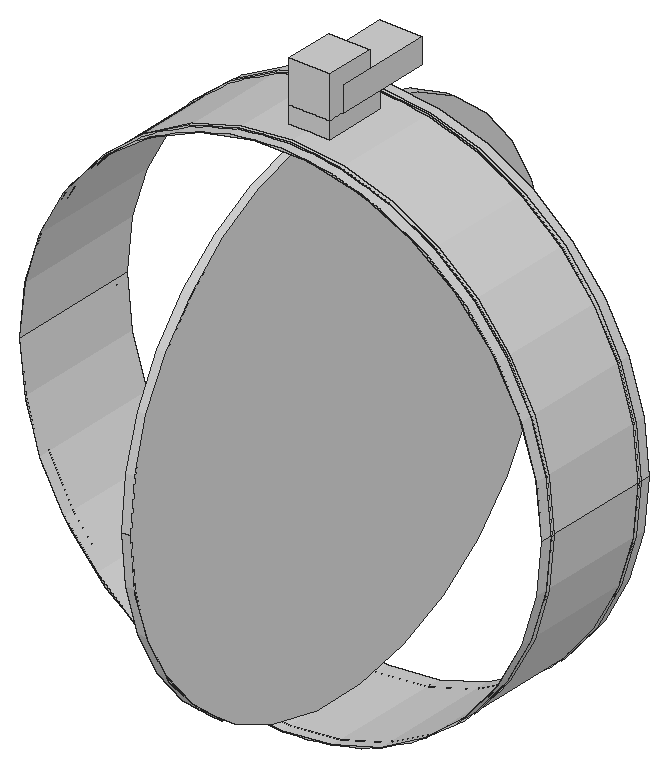
Revit family "НЕВАТОМ_Клапан KPNZ-60(90)-D-NP-04(12)-МN, Версия 2", category Арматура воздуховодов, Revit 2017
Family settings
  Размер круглого соединителя = Использовать диаметр
  Тип детали = Вставляется
  На основе рабочей плоскости = Нет
  Всегда вертикально = Нет
  При загрузке вырезать с полостями = Нет
  Общий = Нет
Parameters (values of type "KPNZ-60(90)-D-NP-04(12)-MN")
  Ширина привода = 100 mm  # constant formula
  Ширина площадки = 98 mm
  Сравнение приводов [instance] = if(Привод_MN, 1 mm, 0 mm)  # 0 mm
  Сравнение огнестойкости [instance] = if(EI 60, 1 mm, 0 mm)  # 1 mm
  Сравнение напряжения [instance] = if(U24, 1 mm, 0 mm)  # 0 mm
  Сравнение климатических параметров [instance] = if(Климатическое исполнение_04, 1 mm, 0 mm)  # 1 mm
  Привод_ЕМ [instance] = and(not(Привод_MN))  # yes
  Привод_MN [instance] = no
  Климатическое исполнение_12 [instance] = and(not(Климатическое исполнение_04))  # no
  Климатическое исполнение_04 [instance] = yes
  Длина площадки = 150 mm  # constant formula
  Высота привода = 100 mm  # constant formula
  Высота площадки [instance] = (D1 - D клапана) / 2  # 39 mm
  a = 0 mm
  U24 [instance] = no
  U220 [instance] = and(not(U24))  # yes
  P = 200 mm  # constant formula
  Nevatom_URL = "https://t.me/NEVATOM_Bim_bot"
  L1 = L + 2 * a  # 320 mm
  L np = 30 mm
  L = 320 mm  # constant formula
  Открыто = yes
  Материал корпуса = Материал корпуса
  Закрыто = and(not(Открыто))  # no
  t = 1.2 mm  # constant formula
  d = 9 mm
  H = 140 mm  # constant formula
  EI 90 [instance] = and(not(EI 60))  # no
  EI 60 [instance] = yes
  Dz [instance] = D - 2 mm  # 1246 mm
  Dnp [instance] = D клапана + 5 mm  # 1255 mm
  D клапана [instance] = 1250 mm
  D [instance] = D клапана - 2 mm  # 1248 mm
  D1 [instance] = if(and(not(D > 1000 mm), not(D > 1000 mm)), D + 60 mm, if(and(not(D < 1000 mm), not(D < 1000 mm)), D + 80 mm, 0 mm))  # 1328 mm
  ADSK_Ток = 0 A
  ADSK_Расход воздуха = 0.0 L/s
  ADSK_Размер_Ширина [instance] = L  # 320 mm
  ADSK_Размер_Длина [instance] = D1  # 1328 mm
  ADSK_Размер_Высота [instance] = D + H  # 1388 mm
  ADSK_Потеря давления воздуха = 0.0 Pa
  ADSK_Напряжение [instance] = if(U220, 220 V, 24 V)  # 220 V
  ADSK_Примечание = ""
  ADSK_Позиция = ""
  ADSK_Наименование [instance] = "Клапан противопожарный нормально закрытый"  # constant formula
  ADSK_Материал наименование = "Оцинкованная сталь"  # constant formula
  ADSK_Масса [instance] = size_lookup("НЕВАТОМ_КPNZ-60(90)-D-NP-04(12)-MN", "ADSK_Масса", 0, D клапана)  # 66
  ADSK_Марка [instance] = size_lookup("НЕВАТОМ_КPNZ-60(90)-D-NP-04(12)-MN", "", "ошибка типоразмера", D клапана, Сравнение огнестойкости, Сравнение приводов, Сравнение напряжения, Сравнение климатических параметров)  # "KPNZ-60-1250-NP-SN-EM-220-04"
  ADSK_Количество = 1  # constant formula
  ADSK_Код изделия = ""
  ADSK_Завод-изготовитель = "НЕВАТОМ"  # constant formula
  ADSK_Единица измерения = "шт."  # constant formula
  D2 [instance] = D1 - 30 mm  # 1298 mm
Types (2, lengths in mm): name | Сравнение огнестойкости | Высота площадки | Открыто | Закрыто | EI 90 | EI 60 | Dz | Dnp | D клапана | D | D1 | ADSK_Размер_Длина | ADSK_Размер_Высота | ADSK_Масса | ADSK_Марка | D2
  KPNZ-60(90)-D-NP-04(12)-MN | 1 | 39 | yes | no | no | yes | 1246 | 1255 | 1250 | 1248 | 1328 | 1328 | 1388 | 66 | "KPNZ-60-1250-NP-SN-EM-220-04" | 1298
  KPNZ-60(90)-D-NP-04-MN | 0 | 29 | no | yes | yes | no | 196 | 205 | 200 | 198 | 258 | 258 | 338 | 5.7 | "KPNZ-90-200-NP-SN-EM-220-04" | 228
Reference planes
  plane 1 "По центру (Вперед/Назад)": y = 0
  plane 2: z = 0
  plane 3 "По центру (Влево/Вправо)": x = 0
  plane 4: x = -49
  plane 5: x = 49
  plane 6: z = 624
  plane 7: z = -624
  plane 8: z = 664
  plane 9: z = -664
  plane 10: x = 664
  plane 11: x = -664
  plane 12: y = -160
  plane 13: y = 160
  plane 14: y = 160
  plane 15: y = -160
  plane 16: y = -130
  plane 17: y = 130
Forms (mm)
  Extrusion 1, solid, material "Материал корпуса"
    sketch origin (0, 0, 0) x (1, 0, 0) y (0, 0, 1)
      loop
        circle (0, 0) r 624
      loop
        circle (0, 0) r 625
    from -160 to 160
  Extrusion 2, solid, material "Материал корпуса", visible <- "Закрыто"
    sketch origin (0, 0, 0) x (1, 0, 0) y (0, 0, 1)
      loop
        circle (0, 0) r 624
    from 0 to 19.539
  Extrusion 3, solid, material "Материал корпуса", visible <- "Открыто"
    sketch origin (0, 0, 0) x (0, 1, 0) y (0, 0, 1)
      loop
        circle (0, 0) r 623
    from -10 to 10
  Extrusion 4, solid, material "Материал корпуса"
    sketch origin (0, 0, 0) x (1, 0, 0) y (0, 0, 1)
      loop
        line (-49, 764) -> (-49, 664) -> (49, 664) -> (49, 764) -> (-49, 764)
    from -46 to 75
  Extrusion 5, solid, material "Материал корпуса"
    sketch origin (0, 0, 0) x (1, 0, 0) y (0, 0, 1)
      loop
        line (-50, 724) -> (-50, 664) -> (50, 664) -> (50, 724) -> (-50, 724)
    from -200 to 35
  Extrusion 6, solid, material "Материал корпуса"
    sketch origin (0, 0, 0) x (1, 0, 0) y (0, 0, 1)
      loop
        circle (0, 0) r 625
      loop
        circle (0, 0) r 627.5
    from 125.861 to 134.139
  Extrusion 7, solid, material "Материал корпуса"
    sketch origin (0, -30.943, 0) x (1, 0, 0) y (0, 0, -1)
      loop
        circle (0, 0) r 625
      loop
        circle (0, 0) r 627.5
    from 156.921 to 164.964
  Extrusion 8, solid, material "Материал корпуса"
    sketch origin (0, 0, 0) x (1, 0, 0) y (0, 0, 1)
      loop
        line (-49, 664) -> (-49, 623.076)
        arc (-49, 623.076) -> (0, 625) -> (49, 623.076) r 625
        line (49, 623.076) -> (49, 664) -> (-49, 664)
    from -75 to 75
Dimensions and locks
  equal spacing: plane 13, plane 1 "По центру (Вперед/Назад)", plane 12
  "L": plane 13 to plane 12
  equal spacing: plane 14, plane 1 "По центру (Вперед/Назад)", plane 15
  "L1": plane 14 to plane 15
  equal spacing: plane 6, level, plane 7
  equal spacing: plane 8, level, plane 9
  "D": plane 6 to plane 7
  "D1": plane 8 to plane 9
  equal spacing: plane 5, plane 3 "По центру (Влево/Вправо)", plane 4  (x2)
  equal spacing: plane 10, plane 3 "По центру (Влево/Вправо)", plane 11
  "D1": plane 10 to plane 11
  locked: Extrusion 2 to plane 1 "По центру (Вперед/Назад)" at 19.539
  equal spacing: Extrusion 3, plane 3 "По центру (Влево/Вправо)", Extrusion 3, locked at 10 each
  equal spacing: Extrusion 4 sketch curve, plane 3 "По центру (Влево/Вправо)", Extrusion 4 sketch curve
  "Ширина площадки": Extrusion 4 sketch curve to Extrusion 4 sketch curve
  "H": Extrusion 4 sketch curve to plane 6
  equal spacing: Extrusion 5 sketch curve, plane 3 "По центру (Влево/Вправо)", Extrusion 5 sketch curve
  "Ширина привода": Extrusion 5 sketch curve to Extrusion 5 sketch curve
  "Высота привода": Extrusion 5 sketch curve to plane 6
  "P": plane 1 "По центру (Вперед/Назад)" to Extrusion 5
  Extrusion 5 to plane 1 "По центру (Вперед/Назад)" = 35 mm
  Extrusion 4 to Extrusion 4 = 121 mm
  "Ширина площадки": plane 5 to plane 4
  "L np": plane 13 to plane 17
  "L np": plane 16 to plane 12
  equal spacing: Extrusion 6, plane 16, Extrusion 6, locked at 4.139 each
  equal spacing: Extrusion 7, plane 17, Extrusion 7, locked at 4.021 each
  equal spacing: Extrusion 8, plane 1 "По центру (Вперед/Назад)", Extrusion 8
  "Длина площадки": Extrusion 8 to Extrusion 8
  "D": diameter of Extrusion 1 sketch curve
  "D клапана": diameter of Extrusion 1 sketch curve
  "D": diameter of Extrusion 2 sketch curve
  "Dz": diameter of Extrusion 3 sketch curve
  "D клапана": diameter of Extrusion 6 sketch curve
  "Dnp": diameter of Extrusion 6 sketch curve
  "D клапана": diameter of Extrusion 7 sketch curve
  "Dnp": diameter of Extrusion 7 sketch curve
  aligned and locked: level to plane 2
  aligned and locked: plane 13 to Extrusion 1
  aligned and locked: Extrusion 1 to plane 12
  aligned and locked: Extrusion 2 to plane 1 "По центру (Вперед/Назад)"
  aligned and locked: plane 8 to Extrusion 5 sketch curve
  aligned and locked: Extrusion 8 sketch curve to Extrusion 4  (x2)
  aligned and locked: Extrusion 8 sketch curve to Extrusion 1
Automatic sketch dimensions
  Extrusion 8 sketch curve to plane 8 = 0 mm
  Extrusion 1 sketch curve to Extrusion 1 sketch curve = 0 mm  (x2)
  Extrusion 1 sketch curve to level = 0 mm
  Extrusion 1 sketch curve to plane 3 "По центру (Влево/Вправо)" = 0 mm
  Extrusion 2 sketch curve to level = 0 mm
  Extrusion 2 sketch curve to plane 3 "По центру (Влево/Вправо)" = 0 mm
  Extrusion 3 sketch curve to level = 0 mm
  Extrusion 3 sketch curve to plane 1 "По центру (Вперед/Назад)" = 0 mm
  Extrusion 4 sketch curve to plane 8 = 0 mm
  Extrusion 6 sketch curve to Extrusion 6 sketch curve = 0 mm  (x2)
  Extrusion 6 sketch curve to level = 0 mm
  Extrusion 6 sketch curve to plane 3 "По центру (Влево/Вправо)" = 0 mm
  Extrusion 7 sketch curve to Extrusion 7 sketch curve = 0 mm  (x2)
  Extrusion 7 sketch curve to level = 0 mm
  Extrusion 7 sketch curve to plane 3 "По центру (Влево/Вправо)" = 0 mm
Connectors
  hvac at (0, -160, 0), driven by "D клапана"
    settings: on Extrusion 1, index 1, duct flow 0.0 L/s, flow factor 0, pres drop 0.0 Pa, loss coef 0, conn angle 0.00°, conn width 304.8 mm, conn height 304.8 mm, conn diameter 1250 mm, duct sys type 29, conn prof type 0, flow config 0, flow direction 0, loss method 0, conn ref index 2, conn util no, is conn primary yes, conn desc ""
  hvac at (0, 160, 0), driven by "D клапана"
    settings: on Extrusion 1, index 2, duct flow 0.0 L/s, flow factor 0, pres drop 0.0 Pa, loss coef 0, conn angle 0.00°, conn width 304.8 mm, conn height 304.8 mm, conn diameter 1250 mm, duct sys type 29, conn prof type 0, flow config 0, flow direction 0, loss method 0, conn ref index 1, conn util no, is conn primary no, conn desc ""
